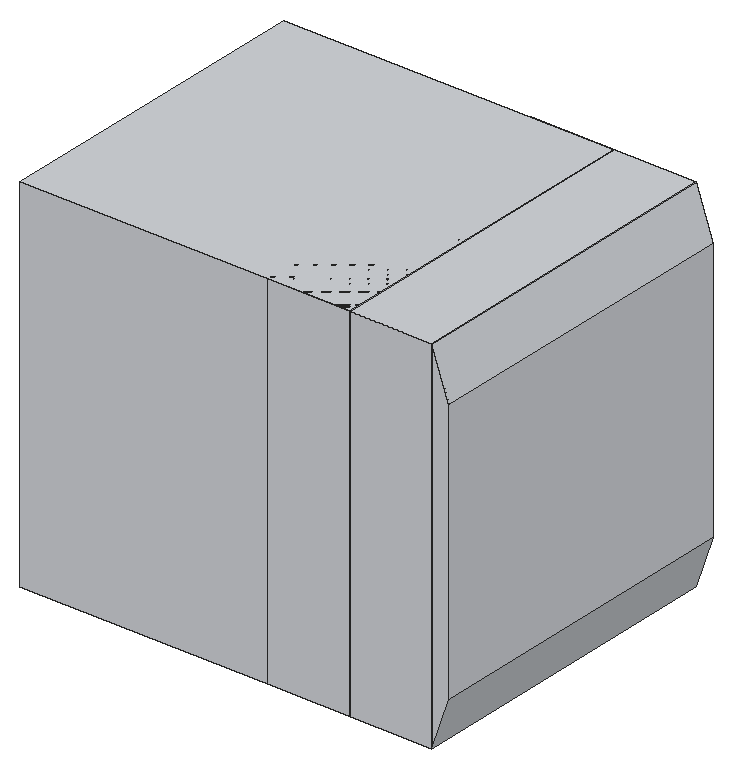
Revit family "M_Rectangular Angled Tap - DTL", category Duct Fittings, Revit 2014
Parameters (values of type "Standard")
  Top Change [instance] = -75 mm
  built-in parameter 1114214 [instance] = 500 mm
  built-in parameter 1114213 [instance] = 125 mm
  built-in parameter 1114215 [instance] = if(Width Out > 600 mm, Width Out * 0.25, 150 mm)  # 0.49213 (stored number, unit not read)
  Half Width In [instance] = Width In / 2  # 250 mm
  Half Width Out [instance] = Width Out / 2  # 250 mm
  Half Depth Out [instance] = Depth In / 2  # 200 mm
  Half Depth In [instance] = Depth Out / 2  # 275 mm
  Width Out [instance] = abs(Width In) / sin(Angle)  # 500 mm
  Width In [instance] = 500 mm
  Length 1 [instance] = if(Angle = 90.00°, [built-in parameter 1114213], abs((Width In / 2) / tan(Angle)))  # 125 mm
  Length [instance] = 25 mm
  Depth In [instance] = 400 mm
  Depth Out [instance] = Depth In - Top Change + Bottom Change  # 550 mm
  Bottom Change [instance] = 75 mm
  Angle [instance] = 90.00°
  Length 2 [instance] = -(Top Change + Bottom Change) / 2  # 0 mm
  Length 3 [instance] = Depth In / 2 + abs(Top Change) - Length 2 * 2  # 275 mm
Reference planes
  plane 1 "Center (Front/Back)": y = 0
  plane 2: z = 0
  plane 3 "Center (Left/Right)": x = 0
  plane 4: x = -500
  plane 5: x = 125
  plane 6: z = 200
  plane 7: z = -200
  plane 8: z = 0
  plane 9: z = 275
  plane 10: z = -275
Forms (mm)
  Sweep 1, solid, detail levels medium+fine
    path in 3D
      loop
        line (-500, 0, 0) -> (0, 0, 0)
    profile "M_Duct - Rectangular : Duct - Rectangular 1" origin (-250, 0, 0) x (0, 1, 0) y (0, 0, 1)
      loop
        line (-250, 275) -> (-250, -275) -> (250, -275) -> (250, 275) -> (-250, 275)
  SweptBlend 2, solid, detail levels medium+fine
    path in 3D
      loop
        line (125, 0, 0) -> (150, 0, 0)
    profile "M_Duct - Rectangular : Duct - Rectangular 1" origin (125, 0, 0) x (0, 1, 0) y (0, 0, 1)
      loop
        line (-250, 275) -> (-250, -275) -> (250, -275) -> (250, 275) -> (-250, 275)
    end profile "M_Duct - Rectangular : Duct - Rectangular 2" origin (150, 0, 0) x (0, 1, 0) y (0, 0, 1)
      loop
        line (-250, 200) -> (-250, -200) -> (250, -200) -> (250, 200) -> (-250, 200)
  Sweep 3, solid, detail levels medium+fine
    path in 3D
      loop
        line (125, 0, 0) -> (0, 0, 0) -> (-125, 0, 0)
    profile "M_Duct - Rectangular : Duct - Rectangular 1" origin (-62.5, 0, 0) x (0, -1, 0) y (0, 0, 1)
      loop
        line (-250, 275) -> (-250, -275) -> (250, -275) -> (250, 275) -> (-250, 275)
Lines and regions (mm)
  reference lines
    curve 1: line (-500, 0, 0) -> (0, 0, 0)
    curve 3: line (0, 0, 0) -> (-125, 0, 0)
  sketch lines
    curve 2: line (-500, 0, 0) -> (0, 0, 0)
    curve 6: line (125, 0, 0) -> (150, 0, 0)
    curve 7: line (0, 0, 0) -> (-125, 0, 0)
    curve 8: line (0, 0, 0) -> (125, 0, 0)
  model lines, not visible, detail levels coarse
    curve 4: line (0, 0, 0) -> (125, 0, 0)
    curve 5: line (125, 0, 0) -> (150, 0, 0)
Dimensions and locks
  "built-in parameter 1114214": plane 4 to plane 3 "Center (Left/Right)"
  "built-in parameter 1114213": plane 3 "Center (Left/Right)" to plane 5
  equal spacing: plane 6, level, plane 7
  "Depth In": plane 6 to plane 7
  equal spacing: plane 9, plane 8, plane 10
  "Depth Out": plane 9 to plane 10
  "Length 3": plane 9 to plane 2
  "Length 1": curve 3 to curve 3
  "Length 1": curve 4 to curve 4
  "Length": curve 5 to curve 5
  "Angle": angle plane 3 "Center (Left/Right)" to curve 3
  locked: curve 4 to curve 5 (angle 180.00°)
  "Angle": angle plane 3 "Center (Left/Right)" to curve 4
  aligned and locked: plane 1 "Center (Front/Back)" to curve 1
  aligned and locked: plane 3 "Center (Left/Right)" to curve 1
  aligned and locked: plane 4 to curve 1
  aligned and locked: plane 1 "Center (Front/Back)" to curve 3
  aligned and locked: plane 3 "Center (Left/Right)" to curve 4
Automatic sketch dimensions
  curve 4 to plane 1 "Center (Front/Back)" = 0 mm
Connectors
  hvac at (0, 0, 0), driven by "Depth Out", driven by "Width Out"
    settings: on Sweep 1, index 1, duct flow 0.0 L/s, flow factor 0, pres drop 0.0 Pa, loss coef 0, conn angle 0.00°, conn width 500 mm, conn height 550 mm, conn diameter 609.6 mm, duct sys type 28, conn prof type 1, flow config 0, flow direction 0, loss method 0, conn ref index 2, conn util no, is conn primary yes, conn desc ""
  hvac at (150, 0, 0), driven by "Angle", driven by "Depth In", driven by "Width In"
    settings: on SweptBlend 2, index 2, duct flow 0.0 L/s, flow factor 0, pres drop 0.0 Pa, loss coef 0, conn angle 90.00°, conn width 500 mm, conn height 400 mm, conn diameter 609.6 mm, duct sys type 28, conn prof type 1, flow config 0, flow direction 0, loss method 0, conn ref index 1, conn util no, is conn primary no, conn desc ""
